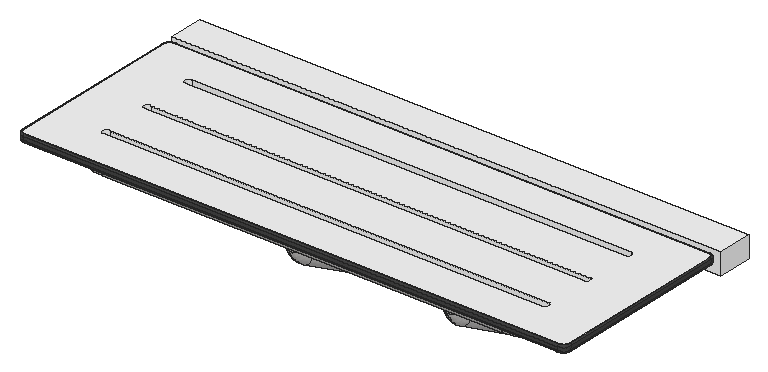
Revit family "Specialty Equipment_Shower Seat_Metlam_ML994CL", category Specialty Equipment, Revit 2014
Parameters (values of type "960w x 295h x 400d")
  URL = "http://www.metlam.com.au/"
  Type Comments = "Shower Seats"  # constant formula
  ModifiedIssue_ANZRS = 20151029  # constant formula
  Model = "ML994CL"
  Frame Material = z_Metlam_Stainless Steel
  Seat Material = z_Metlam_White Laminate
  Manufacturer_URL__Product Specific = "http://metlam.com.au/product/content/shower-seats-shower-related/ML994CL"
  Manufacturer_URL_Home Page = "http://www.metlam.com.au/"
  Manufacturer_Spec Code = Model  # "ML994CL"
  Manufacturer_Overall Width = 960 mm  # constant formula
  Manufacturer_Overall Height = 295 mm  # constant formula
  Manufacturer_Overall Depth = 400 mm  # constant formula
  Manufacturer_Height From FFL [instance] = 475 mm
  Manufacturer = "Metlam"  # constant formula
  Keynote = ""
  Seat Edge Material = z_Metlam_Black
  Description = "Folding Shower Seat"  # constant formula
  CreatedBy_ANZRS = "IGS - BIM Solutions"  # constant formula
  CreatedByURL_ANZRS = "http://www.igsgroup.com.au/"
  Assembly Code = "C1030200"
Reference planes
  plane 1 "Origin": z = 0
  plane 2 "Front": y = -620.9
  plane 3 "Center (Left/Right)": x = -194.828
  plane 4 "Top": z = 475
  plane 5 "Right": x = 285.172
  plane 6 "Bottom": z = 180
  plane 7 "Left": x = -674.828
  plane 8 "Back": y = -220.9
  plane 9 "Center (Front/Back)": y = -420.9
  plane 10: y = -455.275
Forms (mm)
  Extrusion 1, solid, material "z_Metlam_White Laminate" <- "Seat Material"
    sketch origin (0, 0.625, 475) x (-1, 0, 0) y (0, -1, 0)
      loop
        arc (578.106, 359.271) -> (584.63, 365.794) -> (578.106, 372.318) r 6.524
        line (578.106, 372.318) -> (-189.971, 372.318)
        arc (-189.971, 372.318) -> (-196.495, 365.794) -> (-189.971, 359.271) r 6.524
        line (-189.971, 359.271) -> (578.106, 359.271)
      loop
        arc (578.129, 449.264) -> (584.65, 455.785) -> (578.129, 462.306) r 6.521
        line (578.129, 462.306) -> (-189.948, 462.306)
        arc (-189.948, 462.306) -> (-196.469, 455.785) -> (-189.948, 449.264) r 6.521
        line (-189.948, 449.264) -> (578.129, 449.264)
      loop
        arc (578.106, 539.052) -> (584.627, 545.572) -> (578.106, 552.093) r 6.521
        line (578.106, 552.093) -> (-189.971, 552.093)
        arc (-189.971, 552.093) -> (-196.492, 545.572) -> (-189.971, 539.052) r 6.521
        line (-189.971, 539.052) -> (578.106, 539.052)
      loop
        arc (-272.649, 619.025) -> (-279.72, 616.096) -> (-282.649, 609.025) r 10
        line (-282.649, 609.025) -> (-282.649, 303.4)
        arc (-282.649, 303.4) -> (-279.72, 296.328) -> (-272.649, 293.4) r 10
        line (-272.649, 293.4) -> (662.328, 293.4)
        arc (662.328, 293.4) -> (669.399, 296.328) -> (672.328, 303.4) r 10
        line (672.328, 303.4) -> (672.328, 609.025)
        arc (672.328, 609.025) -> (669.399, 616.096) -> (662.328, 619.025) r 10
        line (662.328, 619.025) -> (-272.649, 619.025)
    from -13.021 to 0
  Sweep 2, solid, material "z_Metlam_Stainless Steel" <- "Frame Material"
    path origin (-560.269, 0.218, 10.534) x (0, 0, 1) y (0, -1, 0)
      loop
        line (457.98, 491.071) -> (327.089, 439.738)
        arc (327.089, 439.738) -> (312.559, 430.94) -> (301.812, 417.785) r 50
        line (301.812, 417.785) -> (212.716, 260.085)
    profile origin (-560.269, -465.187, 403.069) x (0, 0.930965, 0.365108) y (1, 0, 0)
      loop
        circle (0, 227.941) r 12.5
  Sweep 3, solid, material "z_Metlam_Stainless Steel" <- "Frame Material"
    path origin (170.613, 0.218, 10.534) x (0, 0, 1) y (0, 1, 0)
      loop
        line (457.98, -491.071) -> (327.089, -439.738)
        arc (327.089, -439.738) -> (312.559, -430.94) -> (301.812, -417.785) r 50
        line (301.812, -417.785) -> (212.716, -260.085)
    profile origin (170.613, -465.187, 403.069) x (0, -0.930965, -0.365108) y (-1, 0, 0)
      loop
        circle (0, 227.941) r 12.5
  Extrusion 4, solid, material "z_Metlam_Stainless Steel" <- "Frame Material"
    sketch origin (-157.328, 0, 24.4) x (0, 0, 1) y (0, 1, 0)
      loop
        line (253.731, -323.479) -> (373.208, -323.479)
        arc (373.208, -323.479) -> (375.946, -322.345) -> (377.081, -319.606) r 3.873
        line (377.081, -319.606) -> (377.081, -227.397)
        arc (377.081, -227.397) -> (378.379, -224.262) -> (381.514, -222.964) r 4.434
        line (381.514, -222.964) -> (400.121, -222.964) -> (400.121, -220.9) -> (381.514, -220.9)
        arc (381.514, -220.9) -> (376.965, -222.784) -> (375.081, -227.333) r 6.434
        line (375.081, -227.333) -> (375.081, -290.618) -> (266.067, -290.618)
        arc (266.067, -290.618) -> (264.133, -290.273) -> (262.437, -289.282) r 5.603
        line (262.437, -289.282) -> (207.132, -242.241)
        arc (207.132, -242.241) -> (202.066, -237.271) -> (197.755, -231.633) r 50
        line (197.755, -231.633) -> (194.226, -226.268)
        arc (194.226, -226.268) -> (188.347, -221.448) -> (180.771, -220.82) r 12.777
        arc (180.771, -220.82) -> (178.068, -221.268) -> (175.331, -221.419) r 25
        line (175.331, -221.419) -> (155.6, -221.419) -> (155.6, -223.212) -> (170.124, -223.212)
        arc (170.124, -223.212) -> (170.667, -223.567) -> (170.877, -224.181) r 1
        line (170.877, -224.181) -> (170.877, -238.876)
        arc (170.877, -238.876) -> (172.168, -245.366) -> (175.844, -250.868) r 16.959
        line (175.844, -250.868) -> (244.959, -319.982)
        arc (244.959, -319.982) -> (249.01, -322.573) -> (253.731, -323.479) r 12.753
    from 0 to 75
  Extrusion 5, solid, material "z_Metlam_White Laminate" <- "Seat Material"
    sketch origin (285.172, 0, 0) x (0, 0, 1) y (0, 1, 0)
      loop
        line (475, -280.723) -> (475, -220.9) -> (437.118, -220.9) -> (437.118, -280.723) -> (475, -280.723)
    from 0 to 960
  Extrusion 6, solid, material "z_Metlam_Stainless Steel" <- "Frame Material"
    sketch origin (-157.328, 0, -18.335) x (0, 0, 1) y (0, 1, 0)
      loop
        line (308.496, -290.631) -> (358.318, -290.631) -> (358.318, -256.752) -> (308.496, -256.752) -> (308.496, -290.631)
    from 0 to 75
  Sweep 7, solid, material "z_Metlam_Stainless Steel" <- "Frame Material"
    path origin (0, 0, 475) x (-1, 0, 0) y (0, -1, 0)
      loop
        line (624.828, 280.723) -> (624.828, 505.275)
        arc (624.828, 505.275) -> (601.397, 561.843) -> (544.828, 585.275) r 80
        line (544.828, 585.275) -> (-155.149, 585.275)
        arc (-155.149, 585.275) -> (-211.717, 561.843) -> (-235.149, 505.275) r 80
        line (-235.149, 505.275) -> (-235.149, 280.723)
    profile origin (-624.828, -392.999, 475) x (1, 0, 0) y (0, 0, 1)
      loop
        circle (0, -25.527) r 12.5
  Sweep 8, solid, material "z_Metlam_Black" <- "Seat Edge Material"
    path in 3D
      loop
        arc (272.649, -618.4, 475) -> (279.72, -615.471, 475) -> (282.649, -608.4, 475) r 10
        line (282.649, -608.4, 475) -> (282.649, -302.775, 475)
        arc (282.649, -302.775, 475) -> (279.72, -295.703, 475) -> (272.649, -292.775, 475) r 10
        line (272.649, -292.775, 475) -> (-662.328, -292.775, 475)
        arc (-662.328, -292.775, 475) -> (-669.399, -295.703, 475) -> (-672.328, -302.775, 475) r 10
        line (-672.328, -302.775, 475) -> (-672.328, -608.4, 475)
        arc (-672.328, -608.4, 475) -> (-669.399, -615.471, 475) -> (-662.328, -618.4, 475) r 10
        line (-662.328, -618.4, 475) -> (272.649, -618.4, 475)
    profile origin (-194.84, -618.4, 475) x (0, 1, 0) y (0, 0, 1)
      loop
        arc (0, 0) -> (-1.811, -1.349) -> (-2.5, -3.5) r 3.7
        line (-2.5, -3.5) -> (-2.5, -9.539)
        arc (-2.5, -9.539) -> (-1.81, -11.674) -> (0, -13) r 3.645
        line (0, -13) -> (0, 0)
  Extrusion 9, void
    sketch origin (-624.828, -392.999, 475) x (1, 0, 0) y (0, 0, 1)
      loop
        circle (451, -60.53) r 4
      loop
        circle (409, -60.53) r 4
      loop
        circle (409, -287.388) r 4.004
      loop
        circle (451, -287.388) r 4.004
    from -178.572 to -159.775
  Sweep 10, solid, material "z_Metlam_Stainless Steel" <- "Frame Material"
    path origin (285.172, -259.886, 223.261) x (0, 0.869822, -0.493366) y (-1, 0, 0)
      loop
        line (0, 617.5) -> (18.116, 617.5)
        arc (18.116, 617.5) -> (27.131, 613.766) -> (30.866, 604.75) r 12.75
        line (30.866, 604.75) -> (30.866, 355.25)
        arc (30.866, 355.25) -> (27.131, 346.234) -> (18.116, 342.5) r 12.75
        line (18.116, 342.5) -> (0, 342.5)
    profile origin (-332.328, -252.007, 218.792) x (-1, 0, 0) y (0, 0.493366, 0.869822)
      loop
        circle (0, 0) r 12.5
Cuts and joins
  Extrusion 9 cuts Extrusion 4
Lines and regions (mm)
  Masking region 1
    outline origin (0, -620.9, 0) x (-1, 0, 0) y (0, 0, 1)
      loop
        line (674.828, 475) -> (-285.172, 475) -> (-285.172, 437.151) -> (44.828, 437.151) -> (44.828, 215.548)
        arc (44.828, 215.548) -> (50.686, 201.406) -> (64.828, 195.548) r 20
        line (64.828, 195.548) -> (157.328, 195.548) -> (157.328, 180) -> (232.328, 180) -> (232.328, 195.541) -> (324.828, 195.541)
        arc (324.828, 195.541) -> (338.97, 201.399) -> (344.828, 215.541) r 20
        line (344.828, 215.541) -> (344.828, 437.151) -> (674.828, 437.151) -> (674.828, 475)
      loop
        line (319.87, 437.151) -> (69.824, 437.151) -> (69.824, 220.546) -> (157.328, 220.546) -> (157.328, 424.521) -> (232.328, 424.521) -> (232.328, 220.546) -> (319.87, 220.546) -> (319.87, 437.151)
  Masking region 2
    outline origin (0, 0, 475) x (-1, 0, 0) y (0, -1, 0)
      loop
        line (674.828, 220.9) -> (674.828, 280.723) -> (637.328, 280.723) -> (637.328, 290.275) -> (662.418, 290.275)
        arc (662.418, 290.275) -> (671.193, 293.909) -> (674.828, 302.685) r 12.41
        line (674.828, 302.685) -> (674.828, 608.507)
        arc (674.828, 608.507) -> (671.199, 617.27) -> (662.436, 620.9) r 12.392
        line (662.436, 620.9) -> (-272.772, 620.9)
        arc (-272.772, 620.9) -> (-281.54, 617.268) -> (-285.172, 608.5) r 12.4
        line (-285.172, 608.5) -> (-285.172, 302.675)
        arc (-285.172, 302.675) -> (-281.54, 293.906) -> (-272.772, 290.275) r 12.4
        line (-272.772, 290.275) -> (-247.649, 290.275) -> (-247.649, 280.723) -> (-285.172, 280.723) -> (-285.172, 220.9) -> (674.828, 220.9)
      loop
        line (612.328, 280.723) -> (612.328, 290.275) -> (344.826, 290.275) -> (344.826, 280.723) -> (612.328, 280.723)
      loop
        arc (578.106, 358.646) -> (584.63, 365.169) -> (578.106, 371.693) r 6.524
        line (578.106, 371.693) -> (344.828, 371.693) -> (344.828, 358.646) -> (578.106, 358.646)
      loop
        line (-189.971, 358.646) -> (44.822, 358.646) -> (44.822, 371.693) -> (-189.971, 371.693)
        arc (-189.971, 371.693) -> (-196.495, 365.169) -> (-189.971, 358.646) r 6.524
      loop
        arc (578.129, 448.639) -> (584.65, 455.16) -> (578.129, 461.681) r 6.521
        line (578.129, 461.681) -> (344.828, 461.681) -> (344.828, 448.639) -> (578.129, 448.639)
      loop
        line (-189.948, 448.639) -> (44.822, 448.639) -> (44.822, 461.681) -> (-189.948, 461.681)
        arc (-189.948, 461.681) -> (-196.469, 455.16) -> (-189.948, 448.639) r 6.521
      loop
        line (-189.971, 538.427) -> (578.106, 538.427)
        arc (578.106, 538.427) -> (584.627, 544.947) -> (578.106, 551.468) r 6.521
        line (578.106, 551.468) -> (-189.971, 551.468)
        arc (-189.971, 551.468) -> (-196.492, 544.947) -> (-189.971, 538.427) r 6.521
      loop
        line (319.828, 358.646) -> (319.828, 371.693) -> (69.834, 371.693) -> (69.834, 358.646) -> (319.828, 358.646)
      loop
        line (319.828, 448.639) -> (319.828, 461.681) -> (69.834, 461.681) -> (69.834, 448.639) -> (319.828, 448.639)
      loop
        line (319.828, 280.723) -> (319.828, 290.275) -> (232.328, 290.275) -> (232.328, 280.723) -> (319.828, 280.723)
      loop
        line (69.828, 290.275) -> (69.828, 280.723) -> (157.328, 280.723) -> (157.328, 290.275) -> (69.828, 290.275)
      loop
        line (44.828, 280.723) -> (44.828, 290.275) -> (-222.649, 290.275) -> (-222.649, 280.723) -> (44.828, 280.723)
  Masking region 3
    outline origin (285.172, 0, 0) x (0, 0, 1) y (0, -1, 0)
      loop
        arc (475, 618.4) -> (473.588, 620.281) -> (471.319, 620.9) r 3.626
        line (471.319, 620.9) -> (465.29, 620.9)
        arc (465.29, 620.9) -> (463.192, 620.179) -> (461.979, 618.322) r 3.414
        line (461.979, 618.322) -> (461.979, 585.451)
        arc (461.979, 585.451) -> (449.565, 597.866) -> (437.151, 585.451) r 12.414
        line (437.151, 585.451) -> (437.151, 491.949) -> (333.241, 451.168)
        arc (333.241, 451.168) -> (314.907, 440.064) -> (301.346, 423.464) r 63.124
        line (301.346, 423.464) -> (208.443, 259.067) -> (200.244, 250.868)
        arc (200.244, 250.868) -> (196.568, 245.366) -> (195.277, 238.876) r 16.959
        line (195.277, 238.876) -> (195.277, 224.181)
        arc (195.277, 224.181) -> (195.067, 223.567) -> (194.524, 223.212) r 1
        line (194.524, 223.212) -> (180, 223.212) -> (180, 221.419) -> (199.731, 221.419)
        arc (199.731, 221.419) -> (202.468, 221.268) -> (205.171, 220.82) r 25
        arc (205.171, 220.82) -> (212.747, 221.448) -> (218.626, 226.268) r 12.777
        line (218.626, 226.268) -> (222.155, 231.633)
        arc (222.155, 231.633) -> (226.466, 237.271) -> (231.532, 242.241) r 50
        line (231.532, 242.241) -> (286.837, 289.282)
        arc (286.837, 289.282) -> (288.39, 290.218) -> (290.161, 290.609) r 5.603
        line (290.161, 290.609) -> (290.161, 256.752) -> (339.983, 256.752) -> (339.983, 290.618) -> (399.481, 290.618) -> (399.481, 227.333)
        arc (399.481, 227.333) -> (401.365, 222.784) -> (405.914, 220.9) r 6.434
        line (405.914, 220.9) -> (424.521, 220.9) -> (424.521, 222.964) -> (405.914, 222.964)
        arc (405.914, 222.964) -> (402.779, 224.262) -> (401.481, 227.397) r 4.434
        line (401.481, 227.397) -> (401.481, 319.606)
        arc (401.481, 319.606) -> (400.347, 322.345) -> (397.608, 323.479) r 3.873
        line (397.608, 323.479) -> (278.131, 323.479)
        arc (278.131, 323.479) -> (275.461, 323.196) -> (272.91, 322.361) r 12.753
        line (272.91, 322.361) -> (323.42, 411.742)
        arc (323.42, 411.742) -> (331.233, 421.306) -> (341.795, 427.703) r 36.366
        line (341.795, 427.703) -> (437.151, 465.126) -> (437.151, 220.9) -> (475, 220.9) -> (475, 280.723) -> (461.979, 280.723) -> (461.979, 290.275) -> (475, 290.275) -> (475, 618.4)
  symbolic lines, style "Bathroom Fixtures", detail levels medium+fine
    curve 1: line (-232.328, -620.9, 401.481) -> (-157.328, -620.9, 401.481)
    curve 2: line (-232.328, -620.9, 269.359) -> (-157.328, -620.9, 269.359)
    curve 3: line (-232.328, -620.9, 195.572) -> (-157.328, -620.9, 195.572)
    curve 4: line (-674.813, -620.9, 461.979) -> (285.149, -620.9, 461.979)
    curve 8: line (285.172, -290.618, 290.467) -> (285.172, -290.618, 339.983)
    curve 9: line (285.172, -322.361, 272.91) -> (285.172, -224.884, 217.573)
    curve 10: line (285.172, -280.723, 461.979) -> (285.172, -280.723, 437.118)
    curve 15: line (-637.328, -280.723, 0) -> (-612.328, -280.723, 0)
    curve 16: line (-637.328, -290.275, 0) -> (-612.328, -290.275, 0)
    curve 17: line (-344.826, -280.723, 0) -> (-319.828, -280.723, 0)
    curve 18: line (-344.826, -290.275, 0) -> (-319.828, -290.275, 0)
    curve 19: line (-232.328, -280.723, 0) -> (-157.328, -280.723, 0)
    curve 20: line (-232.328, -290.275, 0) -> (-157.328, -290.275, 0)
    curve 21: line (-69.828, -280.723, 0) -> (-44.828, -280.723, 0)
    curve 22: line (-69.828, -290.275, 0) -> (-44.828, -290.275, 0)
    curve 23: line (222.649, -280.723, 0) -> (247.649, -280.723, 0)
    curve 24: line (222.649, -290.275, 0) -> (247.649, -290.275, 0)
    curve 25: line (-69.834, -358.646, 0) -> (-44.822, -358.646, 0)
    curve 26: line (-44.822, -371.693, 0) -> (-69.834, -371.693, 0)
    curve 27: line (-44.822, -448.639, 0) -> (-69.834, -448.639, 0)
    curve 28: line (-69.834, -461.681, 0) -> (-44.822, -461.681, 0)
    curve 29: line (-344.828, -448.639, 0) -> (-319.828, -448.639, 0)
    curve 30: line (-344.828, -461.681, 0) -> (-319.828, -461.681, 0)
    curve 31: line (-344.828, -358.646, 0) -> (-319.828, -358.646, 0)
    curve 32: line (-344.828, -371.693, 0) -> (-319.828, -371.693, 0)
    curve 33: line (285.172, -290.275, 461.979) -> (285.172, -585.565, 461.979)
    curve 38: line (-232.328, -620.9, 220.546) -> (-232.328, -620.9, 195.572)
    curve 39: line (-157.328, -620.9, 220.546) -> (-157.328, -620.9, 195.572)
  symbolic lines, style "Bathroom Fixtures", detail levels fine
    curve 5: line (-344.828, -620.9, 437.151) -> (-319.87, -620.9, 437.151)
    curve 6: line (-69.824, -620.9, 437.151) -> (-44.828, -620.9, 437.151)
    curve 7: line (285.172, -491.949, 437.151) -> (285.172, -465.126, 437.151)
    curve 34: circle (-215.828, -620.9, 414.47) r 4 normal (0, 1, 0)
    curve 35: circle (-215.828, -620.9, 187.612) r 4.004 normal (0, 1, 0)
    curve 36: circle (-173.828, -620.9, 414.47) r 4 normal (0, -1, 0)
    curve 37: circle (-173.828, -620.9, 187.612) r 4.004 normal (0, -1, 0)
  sketch lines
    curve 11: line (-662.328, -618.4, 475) -> (272.649, -618.4, 475)
    curve 12: line (282.649, -608.4, 475) -> (282.649, -302.775, 475)
    curve 13: line (272.649, -292.775, 475) -> (-662.328, -292.775, 475)
    curve 14: line (-672.328, -302.775, 475) -> (-672.328, -608.4, 475)
    curve 41: arc (282.649, -608.4, 475) -> (279.72, -615.471, 475) -> (272.649, -618.4, 475) r 10
    curve 42: arc (272.649, -292.775, 475) -> (279.72, -295.703, 475) -> (282.649, -302.775, 475) r 10
    curve 43: arc (-662.328, -618.4, 475) -> (-669.399, -615.471, 475) -> (-672.328, -608.4, 475) r 10
    curve 44: arc (-672.328, -302.775, 475) -> (-669.399, -295.703, 475) -> (-662.328, -292.775, 475) r 10
  reference lines
    curve 40: line (285.172, -259.886, 223.261) -> (285.172, -213.598, 197.006)
Text (mm)
  text "Disclaimer:\n\nDue to ongoing product development and manufacturing evolution, product details are subject to change without notice.\n\nPlease refer to product technical data sheets on www.metlam.com.au for the most current product information.\n\nPlease allow a +/- 5mm tolerance for dimensions and set-outs shown in product literature.\n\n© Metlam 2015" at (569.636, -140.739, 0), in view "Ref. Level_Instruction"
Dimensions and locks
  "Manufacturer_Overall Width": plane 7 "Left" to plane 5 "Right"
  "Manufacturer_Overall Depth": plane 2 "Front" to plane 8 "Back"
  "Manufacturer_Height From FFL": plane 4 "Top" to level
  equal spacing: plane 2 "Front", plane 9 "Center (Front/Back)", plane 8 "Back"
  equal spacing: plane 7 "Left", plane 3 "Center (Left/Right)", plane 5 "Right"
  "Manufacturer_Overall Height": plane 4 "Top" to plane 6 "Bottom"
  locked: Sweep 7 sketch curve to Extrusion 5 at 25.527
  aligned and locked: level to plane 1 "Origin"
  aligned and locked: plane 4 "Top" to Extrusion 1
  aligned and locked: Extrusion 4 to plane 6 "Bottom"
Automatic sketch dimensions
  plane 7 "Left" to curve 15 = 37.5 mm
  curve 30 to plane 9 "Center (Front/Back)" = 40.781 mm
  curve 15 to curve 16 = 0 mm  (x2)
  curve 16 to curve 16 = 25 mm
  curve 30 to plane 3 "Center (Left/Right)" = 150 mm
  curve 31 to curve 30 = 0 mm
  curve 32 to curve 31 = 0 mm  (x2)
  curve 29 to curve 30 = 0 mm  (x2)
  curve 31 to curve 17 = 0.002 mm
  curve 18 to curve 17 = 0 mm  (x2)
  curve 30 to curve 30 = 25 mm
  curve 17 to curve 17 = 24.998 mm
  curve 31 to curve 31 = 25 mm
  curve 19 to plane 3 "Center (Left/Right)" = 37.5 mm
  curve 20 to curve 19 = 0 mm  (x2)
  plane 3 "Center (Left/Right)" to curve 19 = 37.5 mm
  curve 20 to curve 25 = 87.494 mm
  curve 27 to plane 9 "Center (Front/Back)" = 27.74 mm
  curve 27 to curve 25 = 0 mm
  curve 28 to curve 27 = 0 mm
  curve 26 to curve 25 = 0 mm
  curve 25 to curve 21 = 0.006 mm
  curve 22 to curve 21 = 0 mm  (x2)
  curve 21 to curve 21 = 25 mm
  curve 26 to curve 26 = 25.012 mm
  curve 28 to curve 28 = 25.012 mm
  curve 25 to curve 26 = 0 mm
  curve 27 to curve 28 = 0 mm
  plane 5 "Right" to curve 24 = 62.523 mm
  curve 24 to curve 23 = 0 mm  (x2)
  curve 24 to curve 24 = 25 mm
  curve 28 to curve 27 = 13.041 mm
  curve 30 to curve 29 = 13.041 mm
  plane 9 "Center (Front/Back)" to curve 32 = 49.207 mm
  plane 9 "Center (Front/Back)" to curve 26 = 49.207 mm
  curve 32 to curve 31 = 13.047 mm
  curve 26 to curve 25 = 13.047 mm
  curve 25 to curve 22 = 68.371 mm
  plane 8 "Back" to curve 24 = 69.375 mm
  plane 8 "Back" to curve 16 = 69.375 mm
  plane 8 "Back" to curve 20 = 69.375 mm
  curve 31 to curve 18 = 68.371 mm
  curve 24 to curve 23 = 9.552 mm
  curve 22 to curve 21 = 9.552 mm
  curve 20 to curve 19 = 9.552 mm
  curve 18 to curve 17 = 9.552 mm
  curve 16 to curve 15 = 9.552 mm
  curve 9 to plane 8 "Back" = 3.984 mm
  curve 9 to plane 6 "Bottom" = 37.573 mm
  curve 9 to plane 6 "Bottom" = 92.91 mm
  curve 9 to curve 8 = 17.557 mm
  curve 8 to curve 8 = 49.516 mm
  plane 4 "Top" to curve 10 = 37.882 mm
  plane 4 "Top" to curve 7 = 37.849 mm
  plane 4 "Top" to curve 33 = 13.021 mm
  curve 10 to curve 33 = 0 mm
  curve 10 to plane 8 "Back" = 59.823 mm
  curve 10 to curve 33 = 9.552 mm
  curve 8 to plane 8 "Back" = 69.718 mm
  curve 8 to curve 9 = 31.743 mm
  plane 9 "Center (Front/Back)" to curve 7 = 44.227 mm
  curve 7 to curve 7 = 26.822 mm
  curve 33 to plane 2 "Front" = 35.334 mm
  plane 3 "Center (Left/Right)" to curve 39 = 37.5 mm
  plane 3 "Center (Left/Right)" to curve 36 = 21 mm
  plane 6 "Bottom" to curve 37 = 7.612 mm
  curve 3 to curve 37 = 16.5 mm
  curve 34 to plane 3 "Center (Left/Right)" = 21 mm
  plane 6 "Bottom" to curve 35 = 7.612 mm
  curve 35 to plane 3 "Center (Left/Right)" = 21 mm
  curve 35 to curve 38 = 16.5 mm
  plane 6 "Bottom" to curve 39 = 15.572 mm
  curve 36 to plane 4 "Top" = 60.53 mm
  curve 34 to curve 36 = 0 mm
  curve 6 to plane 4 "Top" = 37.849 mm
  curve 6 to curve 36 = 104.004 mm
  curve 6 to curve 6 = 24.996 mm
  plane 5 "Right" to curve 4 = 0.023 mm
  curve 1 to curve 36 = 16.5 mm
  plane 3 "Center (Left/Right)" to curve 2 = 37.5 mm
  curve 34 to curve 1 = 16.5 mm
  curve 2 to plane 3 "Center (Left/Right)" = 37.5 mm
  curve 5 to plane 4 "Top" = 37.849 mm
  curve 1 to curve 5 = 87.542 mm
  curve 5 to curve 5 = 24.958 mm
  plane 7 "Left" to curve 4 = 0.015 mm
  curve 1 to curve 34 = 12.989 mm
  curve 4 to plane 4 "Top" = 13.021 mm
  Sweep 2 sketch curve to profile plane = 0 mm
  profile plane to Sweep 2 sketch curve = 227.941 mm
  plane 9 "Center (Front/Back)" to Sweep 3 sketch curve = 3.332 mm
  plane 6 "Bottom" to Sweep 3 sketch curve = 132.346 mm
  Sweep 3 sketch curve to plane 9 "Center (Front/Back)" = 18.621 mm
  Sweep 3 sketch curve to Sweep 3 sketch curve = 25.277 mm
  plane 9 "Center (Front/Back)" to Sweep 3 sketch curve = 27.927 mm
  plane 6 "Bottom" to Sweep 3 sketch curve = 43.25 mm
  Sweep 3 sketch curve to plane 4 "Top" = 6.486 mm
  Sweep 3 sketch curve to plane 9 "Center (Front/Back)" = 69.954 mm
  plane 8 "Back" to Sweep 3 sketch curve = 38.968 mm
  profile plane to Sweep 3 sketch curve = 0 mm
  profile plane to Sweep 3 sketch curve = 227.941 mm
  Extrusion 4 sketch curve to plane 6 "Bottom" = 0 mm
  Extrusion 4 sketch curve to plane 8 "Back" = 0 mm
  Extrusion 4 sketch curve to plane 8 "Back" = 3.281 mm
  Extrusion 4 sketch curve to plane 6 "Bottom" = 14.277 mm
  Extrusion 4 sketch curve to Extrusion 4 sketch curve = 0.247 mm
  Extrusion 4 sketch curve to Extrusion 4 sketch curve = 1 mm
  Extrusion 4 sketch curve to plane 8 "Back" = 0.519 mm
  Extrusion 4 sketch curve to Extrusion 4 sketch curve = 4.454 mm
  Extrusion 4 sketch curve to Extrusion 4 sketch curve = 4.967 mm
  Extrusion 4 sketch curve to Extrusion 4 sketch curve = 12.674 mm
  Extrusion 4 sketch curve to Extrusion 4 sketch curve = 4.285 mm
  Extrusion 4 sketch curve to plane 8 "Back" = 5.369 mm
  Extrusion 4 sketch curve to Extrusion 4 sketch curve = 10.674 mm
  Extrusion 4 sketch curve to plane 8 "Back" = 10.734 mm
  Extrusion 4 sketch curve to Extrusion 4 sketch curve = 3.529 mm
  Extrusion 4 sketch curve to plane 8 "Back" = 21.341 mm
  Extrusion 4 sketch curve to Extrusion 4 sketch curve = 9.377 mm
  plane 8 "Back" to Extrusion 4 sketch curve = 16.745 mm
  Extrusion 4 sketch curve to Extrusion 4 sketch curve = 37.827 mm
  Extrusion 4 sketch curve to Extrusion 4 sketch curve = 8.772 mm
  Extrusion 4 sketch curve to Extrusion 4 sketch curve = 8.706 mm
  Extrusion 4 sketch curve to Extrusion 4 sketch curve = 3.63 mm
  plane 4 "Top" to Extrusion 4 sketch curve = 77.392 mm
  Extrusion 4 sketch curve to Extrusion 4 sketch curve = 1.873 mm
  Extrusion 4 sketch curve to Extrusion 4 sketch curve = 2 mm
  Extrusion 4 sketch curve to Extrusion 4 sketch curve = 4.434 mm
  Extrusion 4 sketch curve to Extrusion 4 sketch curve = 0 mm
  Extrusion 4 sketch curve to plane 8 "Back" = 2.064 mm
  Extrusion 4 sketch curve to Extrusion 4 sketch curve = 18.606 mm
  plane 8 "Back" to Extrusion 4 sketch curve = 24.481 mm
  Extrusion 4 sketch curve to plane 8 "Back" = 12.391 mm
  Extrusion 4 sketch curve to Extrusion 4 sketch curve = 5.586 mm
  Extrusion 4 sketch curve to plane 8 "Back" = 64.115 mm
  Extrusion 4 sketch curve to Extrusion 4 sketch curve = 4.268 mm
  Extrusion 4 sketch curve to Extrusion 4 sketch curve = 21.444 mm
  Extrusion 4 sketch curve to Extrusion 4 sketch curve = 28.989 mm
  Extrusion 5 sketch curve to plane 8 "Back" = 0 mm
  plane 4 "Top" to Extrusion 5 sketch curve = 37.882 mm
  Extrusion 5 sketch curve to plane 4 "Top" = 0 mm
  Extrusion 5 sketch curve to plane 8 "Back" = 59.823 mm
  Extrusion 6 sketch curve to plane 8 "Back" = 35.852 mm
  Extrusion 6 sketch curve to plane 6 "Bottom" = 110.161 mm
  Extrusion 6 sketch curve to Extrusion 6 sketch curve = 49.822 mm
  Extrusion 6 sketch curve to Extrusion 6 sketch curve = 33.88 mm
  plane 5 "Right" to Masking region 1 sketch curve = 0 mm
  Masking region 1 sketch curve to plane 6 "Bottom" = 0 mm
  plane 7 "Left" to Masking region 1 sketch curve = 0 mm
  Masking region 1 sketch curve to plane 4 "Top" = 37.849 mm  (x2)
  plane 3 "Center (Left/Right)" to Masking region 1 sketch curve = 150 mm
  Masking region 1 sketch curve to Masking region 1 sketch curve = 20 mm
  Masking region 1 sketch curve to Masking region 1 sketch curve = 24.996 mm
  plane 3 "Center (Left/Right)" to Masking region 1 sketch curve = 37.5 mm  (x2)
  Masking region 1 sketch curve to plane 3 "Center (Left/Right)" = 37.5 mm  (x2)
  plane 6 "Bottom" to Masking region 1 sketch curve = 40.546 mm
  Masking region 1 sketch curve to Masking region 1 sketch curve = 87.542 mm
  Masking region 1 sketch curve to Masking region 1 sketch curve = 4.958 mm
  Masking region 1 sketch curve to Masking region 1 sketch curve = 24.958 mm
  plane 6 "Bottom" to Masking region 1 sketch curve = 15.541 mm
  plane 6 "Bottom" to Masking region 1 sketch curve = 15.548 mm
  Masking region 1 sketch curve to Masking region 1 sketch curve = 24.997 mm
  Masking region 1 sketch curve to plane 4 "Top" = 50.479 mm
  Masking region 1 sketch curve to Masking region 1 sketch curve = 0 mm
  plane 4 "Top" to Masking region 1 sketch curve = 0 mm
  Masking region 2 sketch curve to plane 5 "Right" = 0 mm  (x2)
  Masking region 2 sketch curve to plane 2 "Front" = 0 mm
  Masking region 2 sketch curve to plane 7 "Left" = 0 mm  (x2)
  plane 8 "Back" to Masking region 2 sketch curve = 0 mm
  Masking region 2 sketch curve to Masking region 2 sketch curve = 12.4 mm
  plane 5 "Right" to Masking region 2 sketch curve = 12.4 mm
  Masking region 2 sketch curve to Masking region 2 sketch curve = 25.123 mm
  Masking region 2 sketch curve to Masking region 2 sketch curve = 25 mm  (x5)
  plane 5 "Right" to Masking region 2 sketch curve = 95.201 mm
  Masking region 2 sketch curve to Masking region 2 sketch curve = 32.678 mm
  Masking region 2 sketch curve to Masking region 2 sketch curve = 0.023 mm  (x2)
  Masking region 2 sketch curve to plane 9 "Center (Front/Back)" = 40.781 mm
  plane 3 "Center (Left/Right)" to Masking region 2 sketch curve = 150.006 mm
  Masking region 2 sketch curve to Masking region 2 sketch curve = 0 mm  (x6)
  Masking region 2 sketch curve to Masking region 2 sketch curve = 0.006 mm
  Masking region 2 sketch curve to Masking region 2 sketch curve = 25.012 mm  (x2)
  plane 3 "Center (Left/Right)" to Masking region 2 sketch curve = 37.5 mm
  Masking region 2 sketch curve to plane 3 "Center (Left/Right)" = 37.5 mm
  plane 9 "Center (Front/Back)" to Masking region 2 sketch curve = 49.207 mm
  Masking region 2 sketch curve to Masking region 2 sketch curve = 87.5 mm
  Masking region 2 sketch curve to plane 9 "Center (Front/Back)" = 27.74 mm  (x2)
  Masking region 2 sketch curve to Masking region 2 sketch curve = 24.998 mm
  plane 7 "Left" to Masking region 2 sketch curve = 96.722 mm  (x2)
  plane 7 "Left" to Masking region 2 sketch curve = 62.5 mm
  plane 7 "Left" to Masking region 2 sketch curve = 12.41 mm
  plane 2 "Front" to Masking region 2 sketch curve = 12.392 mm
  plane 8 "Back" to Masking region 2 sketch curve = 59.823 mm  (x4)
  Masking region 2 sketch curve to Masking region 2 sketch curve = 9.552 mm  (x6)
  Masking region 2 sketch curve to Masking region 2 sketch curve = 13.047 mm
  plane 9 "Center (Front/Back)" to Masking region 2 sketch curve = 62.254 mm
  Masking region 2 sketch curve to Masking region 2 sketch curve = 6.524 mm  (x2)
  Masking region 2 sketch curve to Masking region 2 sketch curve = 13.041 mm  (x2)
  Masking region 2 sketch curve to Masking region 2 sketch curve = 6.521 mm  (x2)
  Masking region 2 sketch curve to Masking region 2 sketch curve = 76.746 mm
  Masking region 3 sketch curve to plane 6 "Bottom" = 0 mm
  Masking region 3 sketch curve to plane 8 "Back" = 0 mm  (x2)
  Masking region 3 sketch curve to plane 2 "Front" = 0 mm
  Masking region 3 sketch curve to plane 4 "Top" = 0 mm
  plane 8 "Back" to Masking region 3 sketch curve = 3.281 mm
  plane 6 "Bottom" to Masking region 3 sketch curve = 14.277 mm
  Masking region 3 sketch curve to Masking region 3 sketch curve = 0.247 mm
  Masking region 3 sketch curve to Masking region 3 sketch curve = 1 mm
  plane 8 "Back" to Masking region 3 sketch curve = 0.519 mm
  Masking region 3 sketch curve to Masking region 3 sketch curve = 4.454 mm
  Masking region 3 sketch curve to Masking region 3 sketch curve = 4.967 mm
  Masking region 3 sketch curve to Masking region 3 sketch curve = 12.674 mm
  Masking region 3 sketch curve to Masking region 3 sketch curve = 8.199 mm  (x2)
  Masking region 3 sketch curve to Masking region 3 sketch curve = 4.285 mm
  plane 8 "Back" to Masking region 3 sketch curve = 5.369 mm
  Masking region 3 sketch curve to Masking region 3 sketch curve = 10.674 mm
  plane 8 "Back" to Masking region 3 sketch curve = 10.734 mm
  Masking region 3 sketch curve to Masking region 3 sketch curve = 3.529 mm
  plane 8 "Back" to Masking region 3 sketch curve = 21.341 mm
  Masking region 3 sketch curve to Masking region 3 sketch curve = 9.377 mm
  Masking region 3 sketch curve to plane 8 "Back" = 16.745 mm
  Masking region 3 sketch curve to Masking region 3 sketch curve = 41.378 mm
  Masking region 3 sketch curve to Masking region 3 sketch curve = 5.221 mm
  Masking region 3 sketch curve to Masking region 3 sketch curve = 8.706 mm
  Masking region 3 sketch curve to Masking region 3 sketch curve = 3.324 mm
  Masking region 3 sketch curve to Masking region 3 sketch curve = 3.63 mm
  Masking region 3 sketch curve to plane 9 "Center (Front/Back)" = 2.564 mm
  Masking region 3 sketch curve to Masking region 3 sketch curve = 23.215 mm
  plane 9 "Center (Front/Back)" to Masking region 3 sketch curve = 9.157 mm
  Masking region 3 sketch curve to Masking region 3 sketch curve = 22.074 mm
  Masking region 3 sketch curve to plane 9 "Center (Front/Back)" = 30.269 mm
  Masking region 3 sketch curve to Masking region 3 sketch curve = 9.82 mm
  Masking region 3 sketch curve to Masking region 3 sketch curve = 49.822 mm
  Masking region 3 sketch curve to plane 9 "Center (Front/Back)" = 6.804 mm
  Masking region 3 sketch curve to Masking region 3 sketch curve = 18.375 mm
  plane 9 "Center (Front/Back)" to Masking region 3 sketch curve = 27.049 mm
  Masking region 3 sketch curve to Masking region 3 sketch curve = 1.221 mm
  Masking region 3 sketch curve to Masking region 3 sketch curve = 57.625 mm
  plane 8 "Back" to Masking region 3 sketch curve = 6.434 mm
  Masking region 3 sketch curve to Masking region 3 sketch curve = 59.497 mm
  Masking region 3 sketch curve to Masking region 3 sketch curve = 3.873 mm
  Masking region 3 sketch curve to Masking region 3 sketch curve = 0 mm  (x2)
  Masking region 3 sketch curve to Masking region 3 sketch curve = 18.606 mm
  Masking region 3 sketch curve to plane 4 "Top" = 37.849 mm
  Masking region 3 sketch curve to Masking region 3 sketch curve = 12.414 mm
  Masking region 3 sketch curve to plane 4 "Top" = 13.021 mm
  Masking region 3 sketch curve to Masking region 3 sketch curve = 3.31 mm
  Masking region 3 sketch curve to plane 4 "Top" = 3.681 mm
  Masking region 3 sketch curve to plane 4 "Top" = 3.449 mm
  plane 4 "Top" to Masking region 3 sketch curve = 0 mm
  Masking region 3 sketch curve to plane 8 "Back" = 24.481 mm
  plane 8 "Back" to Masking region 3 sketch curve = 2.064 mm
  plane 8 "Back" to Masking region 3 sketch curve = 12.391 mm
  Masking region 3 sketch curve to Masking region 3 sketch curve = 5.586 mm
  plane 8 "Back" to Masking region 3 sketch curve = 35.852 mm
  plane 8 "Back" to Masking region 3 sketch curve = 59.823 mm
  Masking region 3 sketch curve to Masking region 3 sketch curve = 28.263 mm
  Masking region 3 sketch curve to Masking region 3 sketch curve = 4.268 mm
  Masking region 3 sketch curve to Masking region 3 sketch curve = 9.552 mm
  Masking region 3 sketch curve to Masking region 3 sketch curve = 0.343 mm
  Masking region 3 sketch curve to Masking region 3 sketch curve = 21.444 mm
  Masking region 3 sketch curve to Masking region 3 sketch curve = 28.989 mm
  Masking region 3 sketch curve to plane 9 "Center (Front/Back)" = 44.227 mm
  Masking region 3 sketch curve to Masking region 3 sketch curve = 26.822 mm
  plane 2 "Front" to Masking region 3 sketch curve = 35.448 mm
  plane 2 "Front" to Masking region 3 sketch curve = 3.618 mm
  Masking region 3 sketch curve to Masking region 3 sketch curve = 3.414 mm
  plane 5 "Right" to Sweep 7 sketch curve = 50.023 mm
  Sweep 7 sketch curve to Sweep 7 sketch curve = 80 mm
  Sweep 7 sketch curve to plane 9 "Center (Front/Back)" = 84.375 mm
  plane 7 "Left" to Sweep 7 sketch curve = 130 mm
  plane 7 "Left" to Sweep 7 sketch curve = 50 mm
  plane 8 "Back" to Sweep 7 sketch curve = 59.823 mm  (x2)
  profile plane to Sweep 7 sketch curve = 0 mm
  Sweep 8 sketch curve to profile plane = 0 mm  (x2)
  profile plane to Sweep 8 sketch curve = 2.5 mm
  Sweep 8 sketch curve to profile plane = 1.145 mm
  Sweep 8 sketch curve to profile plane = 1.2 mm
  Sweep 8 sketch curve to Sweep 8 sketch curve = 6.039 mm
  Extrusion 9 sketch curve to plane 3 "Center (Left/Right)" = 21 mm  (x2)
  plane 6 "Bottom" to Extrusion 9 sketch curve = 7.612 mm  (x2)
  plane 3 "Center (Left/Right)" to Extrusion 9 sketch curve = 21 mm  (x2)
  Extrusion 9 sketch curve to plane 4 "Top" = 60.53 mm
  Extrusion 9 sketch curve to Extrusion 9 sketch curve = 0 mm
  Sweep 10 sketch curve to profile plane = 0 mm
  profile plane to Sweep 10 sketch curve = 0 mm
  plane 8 "Back" to curve 40 = 7.302 mm
  curve 40 to plane 6 "Bottom" = 17.006 mm
  curve 40 to plane 6 "Bottom" = 43.261 mm
  curve 40 to plane 8 "Back" = 38.987 mm
  plane 5 "Right" to Extrusion 1 sketch curve = 2.523 mm
  plane 2 "Front" to Extrusion 1 sketch curve = 2.5 mm
  plane 5 "Right" to Extrusion 1 sketch curve = 12.523 mm  (x2)
  plane 5 "Right" to Extrusion 1 sketch curve = 95.201 mm  (x2)
  Extrusion 1 sketch curve to plane 10 = 6.406 mm
  Extrusion 1 sketch curve to Extrusion 1 sketch curve = 0.023 mm  (x2)
  plane 9 "Center (Front/Back)" to Extrusion 1 sketch curve = 62.254 mm
  plane 7 "Left" to Extrusion 1 sketch curve = 96.722 mm  (x2)
  plane 10 to Extrusion 1 sketch curve = 0.115 mm
  plane 7 "Left" to Extrusion 1 sketch curve = 12.5 mm  (x2)
  plane 7 "Left" to Extrusion 1 sketch curve = 2.5 mm
  plane 8 "Back" to Extrusion 1 sketch curve = 81.875 mm
  Extrusion 1 sketch curve to Extrusion 1 sketch curve = 6.524 mm
  Extrusion 1 sketch curve to Extrusion 1 sketch curve = 76.746 mm
  Extrusion 1 sketch curve to Extrusion 1 sketch curve = 6.521 mm
  plane 9 "Center (Front/Back)" to Sweep 2 sketch curve = 3.332 mm
  Sweep 2 sketch curve to plane 9 "Center (Front/Back)" = 18.621 mm
  Sweep 2 sketch curve to Sweep 2 sketch curve = 25.277 mm
  plane 9 "Center (Front/Back)" to Sweep 2 sketch curve = 27.927 mm
  plane 6 "Bottom" to Sweep 2 sketch curve = 43.25 mm
  plane 8 "Back" to Sweep 2 sketch curve = 38.968 mm
  plane 6 "Bottom" to Sweep 2 sketch curve = 132.346 mm
  Sweep 2 sketch curve to plane 4 "Top" = 6.486 mm
  Sweep 2 sketch curve to plane 9 "Center (Front/Back)" = 69.954 mm
  curve 3 to curve 38 = 24.973 mm
  curve 3 to curve 39 = 24.973 mm
  curve 38 to curve 2 = 48.813 mm
  curve 40 to Sweep 10 sketch curve = 18.116 mm  (x2)
  Sweep 10 sketch curve to Sweep 10 sketch curve = 12.75 mm
  curve 40 to Sweep 10 sketch curve = 342.5 mm
  curve 40 to Sweep 10 sketch curve = 604.75 mm
  curve 40 to Sweep 10 sketch curve = 0 mm  (x2)
  radius of curve 34 = 4 mm
  radius of curve 35 = 4.004 mm
  radius of curve 36 = 4 mm
  radius of curve 37 = 4.004 mm
  radius of Sweep 2 sketch curve = 12.5 mm
  radius of Sweep 3 sketch curve = 12.5 mm
  radius of Sweep 7 sketch curve = 12.5 mm
  radius of Extrusion 9 sketch curve = 4 mm  (x2)
  radius of Extrusion 9 sketch curve = 4.004 mm  (x2)
  radius of Sweep 10 sketch curve = 12.5 mm
